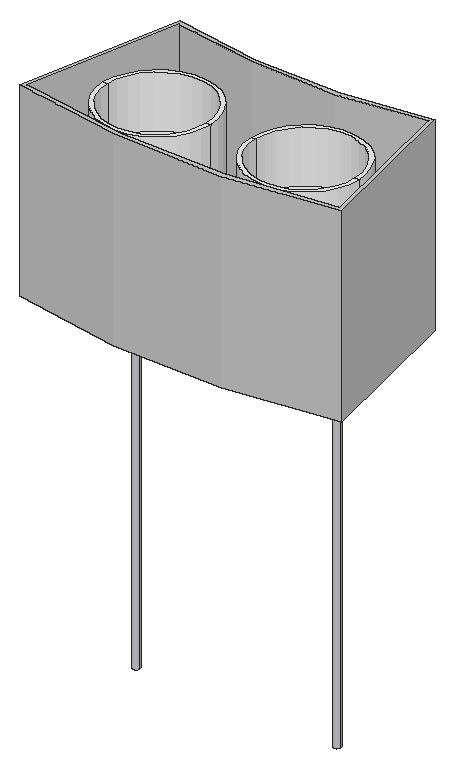
Revit family "Lighting-Pendant-Amerlux-C3M-PCM-A17-2 Light", category Lighting Fixtures, host Face, Revit 2015
Parameters
  Suspension Length [instance] = 1' - 0"
  Housing Length = 0' - 11 1/2"
  Voltage = 0 V
  URL = "http://www.amerlux.com"
  Trim [instance] = yes
  Rotation Angle = 90.00°
  Power Factor = 1
  Number of Poles = 1
  Model = "C3M-PCM-A17\r\n1LT LED\r\n1\r\n1LT LED"
  Manufacturer = "Amerlux"
  Housing Width = 0' - 5"
  Lamp = "LED"
  Fixture Finish = White
  Description = "Suspended Multiple 2 Light"
  Depth = 0' - 6 1/2"
  Default Elevation = 4' - 0"
  Apparent Load = 0 VA
Reference planes (in)
  plane 1 "Center (Front/Back)": y = 0
  plane 2: z = 0
  plane 3 "Center (Left/Right)": x = 0
  plane 4: z = 18.64986
  plane 5: z = -4.75
  plane 6: z = 12
  plane 7: z = 18.64986
  plane 8: x = -5.75
  plane 9: x = 5.75
  plane 10: z = 26.3856
Forms (in)
  Extrusion 1, solid, material "White Finish"
    sketch origin (-3.5625, 0, 0) x (1, 0, 0) y (0, 1, 0)
      loop
        circle (0, 0) r 0.12434
    from 0 to 12
  Extrusion 2, solid, material "White Finish"
    sketch origin (3.5, 0, 0) x (1, 0, 0) y (0, 1, 0)
      loop
        circle (0, 0) r 0.12434
    from 0 to 12
  Extrusion 3, solid, material "Natural Aluminum"
    sketch origin (0, 0, 0) x (1, 0, 0) y (0, 1, 0)
      loop
        arc (4.40171, 3.14108) -> (-0.06475, 2.62477) -> (-4.53319, 3.12373) r 19.91183
        line (-4.53319, 3.12373) -> (-5.71361, -2.42969)
        arc (-5.71361, -2.42969) -> (-0.06424, -3.05067) -> (5.58439, -2.42299) r 25.86844
        line (5.58439, -2.42299) -> (4.40171, 3.14108)
    from 12 to 18.64986
  Extrusion 4, void
    sketch origin (0, 0, 0) x (1, 0, 0) y (0, 1, 0)
      loop
        line (-4.43722, 2.97403) -> (-5.56555, -2.33435)
        arc (-5.56555, -2.33435) -> (-0.06424, -2.92567) -> (5.43637, -2.32779) r 25.74344
        line (5.43637, -2.32779) -> (4.30584, 2.9909)
        arc (4.30584, 2.9909) -> (-0.06476, 2.49977) -> (-4.43722, 2.97403) r 20.03683
    from 14.3856 to 18.64986
Cuts and joins
  Extrusion 4 cuts Extrusion 1
  Extrusion 4 cuts Extrusion 2
  Extrusion 4 cuts Extrusion 3
Dimensions and locks (in)
  "Suspension Length": plane 6 to level
  locked: plane 7 to plane 6 at 6.64986
  equal spacing: plane 8, plane 3 "Center (Left/Right)", plane 9
  "Housing Length": plane 8 to plane 9
  plane 7 to cut or joined group of Extrusion 3, Extrusion 4 to cut or joined group of Extrusion 3, Extrusion 4 = 0' - 4.26426" locked, 0' - 2.3856" locked
  locked: cut or joined group of Extrusion 3, Extrusion 4 to cut or joined group of Extrusion 3, Extrusion 4 at 4.26426
  aligned and locked: plane 2 to host face
  aligned and locked: level to host face
  aligned and locked: plane 7 to Extrusion 3
  aligned and locked: plane 7 to Extrusion 4
  aligned and locked: plane 6 to Extrusion 2
  aligned and locked: plane 6 to Extrusion 1
Automatic sketch dimensions
  host sketch curve to host sketch curve = 2' - 6.49556"
  host sketch curve to host sketch curve = 2' - 7.77944"
  plane 1 "Center (Front/Back)" to Extrusion 1 sketch curve = 0' - 0"
  Extrusion 1 sketch curve to plane 3 "Center (Left/Right)" = 0' - 3 9/16"
  plane 1 "Center (Front/Back)" to Extrusion 2 sketch curve = 0' - 0"
  plane 3 "Center (Left/Right)" to Extrusion 2 sketch curve = 0' - 3 1/2"
  Extrusion 3 sketch curve to plane 8 = 0' - 1.21681"
  Extrusion 3 sketch curve to plane 3 "Center (Left/Right)" = 0' - 0.10342"
  Extrusion 3 sketch curve to plane 1 "Center (Front/Back)" = 0' - 3.12373"
  Extrusion 3 sketch curve to Extrusion 3 sketch curve = 1' - 7.41284"
  Extrusion 3 sketch curve to plane 8 = 0' - 0.03639"
  plane 9 to Extrusion 3 sketch curve = 0' - 1.34829"
  plane 1 "Center (Front/Back)" to Extrusion 3 sketch curve = 0' - 2 55/128"
  Extrusion 3 sketch curve to plane 3 "Center (Left/Right)" = 0' - 0.07959"
  Extrusion 3 sketch curve to Extrusion 3 sketch curve = 0' - 0.2812"
  plane 9 to Extrusion 3 sketch curve = 0' - 0.16561"
  Extrusion 4 sketch curve to plane 8 = 0' - 1.31278"
  Extrusion 4 sketch curve to plane 3 "Center (Left/Right)" = 0' - 0.10342"
  Extrusion 4 sketch curve to plane 1 "Center (Front/Back)" = 0' - 2.97403"
  Extrusion 4 sketch curve to Extrusion 4 sketch curve = 1' - 7.56254"
  Extrusion 4 sketch curve to plane 8 = 0' - 0.18445"
  plane 9 to Extrusion 4 sketch curve = 0' - 1.44416"
  plane 1 "Center (Front/Back)" to Extrusion 4 sketch curve = 0' - 2.33435"
  Extrusion 4 sketch curve to plane 3 "Center (Left/Right)" = 0' - 0.07959"
  Extrusion 4 sketch curve to Extrusion 4 sketch curve = 0' - 0.2812"
  plane 9 to Extrusion 4 sketch curve = 0' - 0.31363"
  radius of Extrusion 1 sketch curve = 0' - 0.12434"
  radius of Extrusion 2 sketch curve = 0' - 0.12434"
Nested families (in)
  nested 1: "Lighting-Accent-Amerlux-Cylindrix III Mini C3MV" at (-3.70815, -2.05802, 14.3856), type "Lighting-Accent-Amerlux-Cylindrix III Mini C3MV"
    with Rotation Angle 90.00°, Light Source Angle 90.00°
  nested 2: "Lighting-Accent-Amerlux-Cylindrix III Mini C3MV" at (1.39751, -1.92526, 14.3856), type "Lighting-Accent-Amerlux-Cylindrix III Mini C3MV"
    with Rotation Angle 90.00°, Light Source Angle 90.00°
Connectors (in)
  electrical at (-0.06514, 0.3257, 14.3856), driven by "Number of Poles", driven by "Voltage", driven by "Apparent Load"
    settings: on cut or joined group of Extrusion 3, Extrusion 4, index 1, voltage 0 V, apparent load 0 VA, apparent load phase1 0 VA, apparent load phase2 0 VA, apparent load phase3 0 VA, power factor 1, load classification "Other", number of poles 1, system type 31, power factor state 1, is connector primary yes, connector utility no, sub classification motor no, connector description ""
Definition of nested family "Lighting-Accent-Amerlux-Cylindrix III Mini C3MV"
  Parameters (values of type "Lighting-Accent-Amerlux-Cylindrix III Mini C3MV")
    Voltage = 0 V
    Rotation Angle [instance] = 90.00°
    Power Factor = 1
    Photometric Web File = ""
    Number of Poles = 1
    Material = none
    Light Source Angle [instance] = Rotation Angle  # 90.00°
    Lamp = "LED"
    Input Wattage = ""
    Wattage = 26 W
    built-in parameter 1150110 = 1 (stored number, unit not read)
    URL = "http://www.amerlux.com"
    built-in parameter 1114217 = 1 (stored number, unit not read)
    Tilt Angle = 90.00°
    built-in parameter 1150109 = 1 (stored number, unit not read)
    built-in parameter 1150134 = 12
    built-in parameter 1150113 = 1 (stored number, unit not read)
    Model = "Cylindrix III Mini"
    Manufacturer = "Amerlux"
    built-in parameter 1150105 = 206.9 (stored number, unit not read)
    Lumens = 2600 lm
    built-in parameter 1150115 = 1 (stored number, unit not read)
    built-in parameter 1150137 = (empty or 0)
    built-in parameter 1150139 = (empty or 0)
    built-in parameter 1150112 = 1 (stored number, unit not read)
    built-in parameter 1150114 = 1 (stored number, unit not read)
    Keynote = ""
    built-in parameter 1150132 = (empty or 0)
    built-in parameter 1150102 = (empty or 0)
    built-in parameter 1150107 = 4000 (stored number, unit not read)
    built-in parameter 1150138 = (empty or 0)
    built-in parameter 1150106 = 2.069 (stored number, unit not read)
    Finish = ""
    Emit from Circle Diameter = 0' - 3 1/4"
    Emit Shape Visible in Rendering = yes
    built-in parameter 1150104 = 9.2903 (stored number, unit not read)
    Dimming Lamp Color Temperature Shift = (empty or 0)
    Description = "Track Lighting"
    Default Elevation = 4' - 0"
    Color Filter = 16777215
    built-in parameter 1114218 = 1 (stored number, unit not read)
    built-in parameter 1150133 = 10 (stored number, unit not read)
    Assembly Code = ""
    Apparent Load = 0 VA
  Reference planes (in)
    plane 1 "Center (Front/Back)": y = 2.00423
    plane 2: z = 0
    plane 3 "Center (Left/Right)": x = 2.916
    plane 4: z = 5.5625
    plane 5: y = 3.00423
    plane 6: y = 1.00423
    plane 7: through (0, 3.00979, 3.84794) normal (0, 0.5736, 0.8192)
    plane 8: through (0, -1.77321, 2.57435) normal (0, -0.5736, -0.8192)
  Forms (in)
    Extrusion 1, solid
      sketch origin (0, -1.75, 0) x (1, 0, 0) y (0, 1, 0)
        loop
          line (-4.834, 9.47868) -> (-4.834, -2.91739) -> (7.17098, -2.91739) -> (7.17098, 9.47868) -> (-4.834, 9.47868)
      from 0 to -0.03652
  Dimensions and locks (in)
    equal spacing: plane 5, plane 1 "Center (Front/Back)", plane 6
    "Rotation Angle": angle level to nested 1
    "Light Source Angle": angle level to imposter light
    aligned and locked: plane 2 to Extrusion 1
    aligned and locked: level to Extrusion 1
    aligned: imposter light to plane 1 "Center (Front/Back)"
    aligned and locked: imposter light to nested 1
  Automatic sketch dimensions
    Extrusion 1 sketch curve to Extrusion 1 sketch curve = 1' - 0.00498"
    Extrusion 1 sketch curve to Extrusion 1 sketch curve = 1' - 0.39607"
  Nested families (in)
    nested 1: "Track Head" at (1.77159, 1.95428, 1.84844) x (0, -1, 0) z (-1, 0, 0), type "Track Head"
  Definition of nested family "Track Head"
    Parameters
      Width = 0' - 3 11/16"
      Material = none
      Default Elevation = 4' - 0"
      Assembly Code = ""
    Reference planes (in)
      plane 1 "Center (Front/Back)": y = 0
      plane 2: z = 0
      plane 3 "Center (Left/Right)": x = 0
      plane 4: z = 0.81682
      plane 5: z = 0.81682
      plane 6: y = 1.84375
      plane 7: y = -1.84375
      plane 8: z = 3.25
    Forms (in)
      Extrusion 1, solid
        sketch origin (0, 0, 0) x (1, 0, 0) y (0, 1, 0)
          loop
            line (-48, 48) -> (-48, -48) -> (48, -48) -> (48, 48) -> (-48, 48)
        from 0 to -0.80444
      Revolve 2, solid, material <- "Material"
        sketch origin (0, 0, -1.8125) x (0, 1, 0) y (0, 0, 1)
          loop
            line (-1.34375, 4.52266) -> (-1.84375, 4.23398) -> (-1.84375, 2.62932) -> (1.84375, 2.62932) -> (1.84375, 4.52266) -> (-1.34375, 4.52266)
          axis (-1.84375, 2.62932) -> (1.84375, 2.62932)
        angle from 0 to 360
      Revolve 3, void
        sketch origin (0, 0, -1.8125) x (0, 1, 0) y (0, 0, 1)
          loop
            line (1.84375, 2.62932) -> (1.84375, 4.37932) -> (0, 4.37932) -> (0, 2.62932) -> (1.84375, 2.62932)
          axis (0, 2.62932) -> (1.84375, 2.62932)
        angle from 0 to 360
    Cuts and joins
      Revolve 3 cuts Revolve 2
    Dimensions and locks (in)
      equal spacing: plane 6, plane 1 "Center (Front/Back)", plane 7
      "Width": plane 6 to plane 7
      radius of cut or joined group of Revolve 2, Revolve 3 = 0' - 1.89334"
      aligned and locked: plane 2 to Extrusion 1
      aligned and locked: level to Extrusion 1
      aligned and locked: Revolve 2 sketch curve to plane 4
      aligned and locked: Revolve 3 sketch curve to plane 5
      aligned and locked: plane 7 to Revolve 2 sketch curve
      aligned and locked: Revolve 2 sketch curve to plane 6
      aligned and locked: cut or joined group of Revolve 2, Revolve 3 to cut or joined group of Revolve 2, Revolve 3
      aligned and locked: plane 1 "Center (Front/Back)" to cut or joined group of Revolve 2, Revolve 3
    Automatic sketch dimensions
      Extrusion 1 sketch curve to Extrusion 1 sketch curve = 8' - 0"  (x2)
      Revolve 3 sketch curve to plane 5 = 0' - 0"
      Revolve 3 sketch curve to plane 1 "Center (Front/Back)" = 0' - 0"
      plane 6 to Revolve 3 sketch curve = 0' - 0"
      Revolve 3 sketch curve to Revolve 3 sketch curve = 0' - 1 3/4"
      plane 7 to Revolve 3 sketch curve = 0' - 0.4751"
      Revolve 3 sketch curve to plane 6 = 0' - 1.36838"
      Revolve 2 sketch curve to plane 4 = 0' - 0"
      Revolve 2 sketch curve to Revolve 2 sketch curve = 0' - 1.89334"
      plane 7 to Revolve 2 sketch curve = 0' - 5.73878"
      Revolve 2 sketch curve to plane 6 = 0' - 7.02134"
      Revolve 2 sketch curve to Revolve 2 sketch curve = 0' - 0.28868"
      Revolve 2 sketch curve to plane 7 = 0' - 0 1/2"
